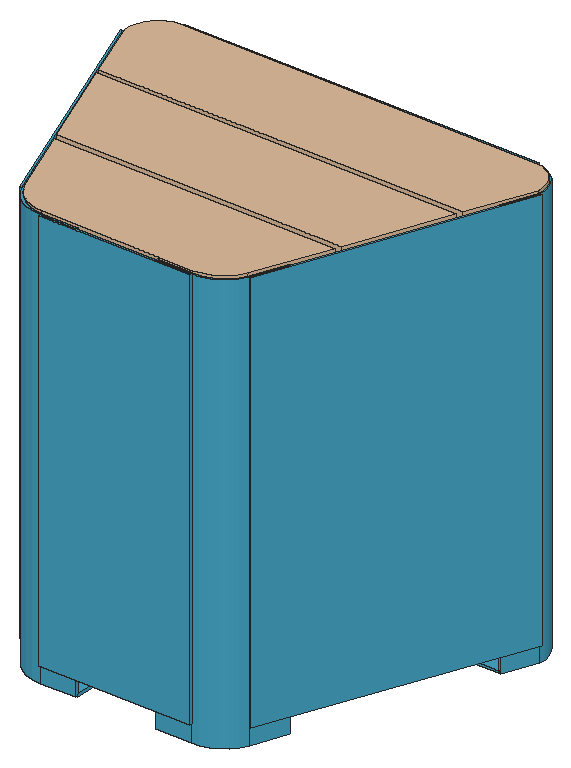
Revit family "product code 61506-S-L", category Meble, Revit 2021
Family settings
  Numer OmniClass = 23.40.20.00
  Tytuł OmniClass = General Furniture and Specialties
  Oparty na płaszczyźnie roboczej = Nie
  Zawsze pionowo = Tak
  Tnij formami wycięć po wczytaniu = Nie
  Współdzielony = Nie
  Punkt obliczania pomieszczeń = Nie
Parameters (values of type "61506-S-L")
  wood = Kobenhagen Wood - Larch
  metal = Kobenhagen RAL 5012
  Width = "44 cm"
  Weight = "35 kg"
  URL = "https://kobenhagen.com/en_US/p/Kdbyen-High-Stool/176"
  Product line = "Kødbyen"
  Product Groups = "Stools"
  Producent = "Lars Laj"
  Keynote = ""
  Opis = "Kødbyen High Stool"
  Model = "61506-S-L"
  Material = "Larch, stainless steel, powder coated steel"
  Maintenance = "We recommend to examine and tighten all screws and bolt clamps after a few weeks’ use. In order to prevent cracks and to extend the life of the wood, it is recommended that the wood details should be oiled every 3-5 years."
  Lenght = "60 cm"
  Type Comments = ""
  Kobenhagen Materials = "larslaj.com/bim"
  Hosted on larslaj.com = "https://larslaj.com/bim"
  Height = "60 cm"
  Domyślna rzędna = 0 mm
  Copyright = "All designs and drawings are the intellectual property of Lars Laj A/S and are protected by Danish and international copyright laws."
Reference planes
  plane 1 "front": y = 0
  plane 2: z = 0
  plane 3 "Środek (Lewa/Prawa)": x = 0
  plane 4 "left": x = -247.535
  plane 5 "right": x = 809.233
  plane 6 "back": y = 400
  plane 7: x = -136.25
  plane 8: z = 706.5
Forms (mm)
  Extrusion 1, solid, material "Kobenhagen RAL 5012" <- "metal", not visible
    sketch origin (0, 0, 0) x (0, 1, 0) y (0, 0, 1)
      loop
        arc (71.187, 451.5) -> (57.045, 445.642) -> (51.187, 431.5) r 20
        line (51.187, 431.5) -> (51.187, 18.231)
        arc (51.187, 18.231) -> (56.527, 5.34) -> (69.418, 0) r 18.231
        line (69.418, 0) -> (153.638, 0) -> (153.638, 15) -> (448.638, 15) -> (448.638, 0) -> (527.023, 0)
        arc (527.023, 0) -> (542.307, 6.331) -> (548.638, 21.615) r 21.615
        line (548.638, 21.615) -> (548.638, 429.407)
        arc (548.638, 429.407) -> (542.168, 445.029) -> (526.545, 451.5) r 22.093
        line (526.545, 451.5) -> (71.187, 451.5)
    from 750.378 to 745
  Extrusion 2, solid, material "Kobenhagen RAL 5012" <- "metal", not visible
    sketch origin (0, 0, 0) x (0, 1, 0) y (0, 0, 1)
      loop
        line (548.638, 396.844) -> (629.375, 854.725) -> (601.836, 859.581)
        arc (601.836, 859.581) -> (585.224, 855.898) -> (576.082, 841.547) r 22.232
        line (576.082, 841.547) -> (507.306, 451.5) -> (526.545, 451.5)
        arc (526.545, 451.5) -> (542.168, 445.029) -> (548.638, 429.407) r 22.093
        line (548.638, 429.407) -> (548.638, 396.844)
    from 745 to 750.378
  Extrusion 3, solid, material "Kobenhagen RAL 5012" <- "metal"
    sketch origin (0, 0, 0) x (1, 0, 0) y (0, 1, 0)
      loop
        arc (-293.16, 475.97) -> (-282.001, 508.042) -> (-251.234, 522.413) r 43.652
        line (-251.234, 522.413) -> (-200.381, 522.312) -> (-200.381, 525.412) -> (-251.284, 525.413)
        arc (-251.284, 525.413) -> (-284.324, 509.867) -> (-296.121, 475.312) r 46.771
        line (-296.121, 475.312) -> (-278.038, 428.325) -> (-274.845, 428.325) -> (-293.16, 475.97)
      loop
        line (200.651, 522.312) -> (251.504, 522.413)
        arc (251.504, 522.413) -> (282.271, 508.042) -> (293.43, 475.97) r 43.652
        line (293.43, 475.97) -> (275.115, 428.325) -> (278.308, 428.325) -> (296.391, 475.312)
        arc (296.391, 475.312) -> (284.594, 509.867) -> (251.554, 525.413) r 46.771
        line (251.554, 525.413) -> (200.651, 525.412) -> (200.651, 522.312)
      loop
        arc (158.801, 128.754) -> (137.921, 104.402) -> (107.159, 95.311) r 56.594
        line (107.159, 95.311) -> (57.159, 95.311) -> (57.159, 92.311) -> (107.159, 92.311)
        arc (107.159, 92.311) -> (139.586, 101.906) -> (161.572, 127.602) r 59.594
        line (161.572, 127.602) -> (180.094, 175.729) -> (176.879, 175.729) -> (158.801, 128.754)
      loop
        line (-158.801, 128.754) -> (-176.879, 175.729) -> (-180.094, 175.729) -> (-161.572, 127.602)
        arc (-161.572, 127.602) -> (-139.586, 101.906) -> (-107.159, 92.311) r 59.594
        line (-107.159, 92.311) -> (-57.159, 92.311) -> (-57.159, 95.311) -> (-107.159, 95.311)
        arc (-107.159, 95.311) -> (-137.921, 104.402) -> (-158.801, 128.754) r 56.594
    from 0 to 596.75
  Extrusion 4, solid, material "Kobenhagen RAL 5012" <- "metal"
    sketch origin (0, 0, 0) x (1, 0, 0) y (0, 1, 0)
      loop
        line (-106.889, 92.311) -> (-106.889, 89.32) -> (107.159, 89.32) -> (107.159, 92.311) -> (-106.889, 92.311)
      loop
        line (-251.286, 528.312) -> (-251.286, 525.413) -> (251.556, 525.413) -> (251.556, 528.312) -> (-251.286, 528.312)
      loop
        line (299.188, 474.227) -> (296.391, 475.312) -> (161.455, 127.363) -> (163.618, 126.524) -> (299.188, 474.227)
      loop
        line (-298.923, 474.227) -> (-163.858, 127.037) -> (-161.581, 127.712) -> (-296.121, 475.312) -> (-298.923, 474.227)
    from 23.503 to 596.75
  Extrusion 5, solid, material "Kobenhagen RAL 5012" <- "metal"
    sketch origin (0, 0, 0) x (1, 0, 0) y (0, 1, 0)
      loop
        line (-200.381, 428.325) -> (-200.381, 522.312) -> (-251.234, 522.413)
        arc (-251.234, 522.413) -> (-282.001, 508.042) -> (-293.16, 475.97) r 43.652
        line (-293.16, 475.97) -> (-274.845, 428.325) -> (-200.381, 428.325)
      loop
        line (-56.889, 175.729) -> (-176.609, 175.729) -> (-158.531, 128.754)
        arc (-158.531, 128.754) -> (-137.651, 104.402) -> (-106.889, 95.311) r 56.594
        line (-106.889, 95.311) -> (-56.889, 95.311) -> (-56.889, 175.729)
      loop
        line (200.381, 428.325) -> (274.845, 428.325) -> (293.16, 475.97)
        arc (293.16, 475.97) -> (282.001, 508.042) -> (251.234, 522.413) r 43.652
        line (251.234, 522.413) -> (200.381, 522.312) -> (200.381, 428.325)
      loop
        line (56.889, 175.729) -> (56.889, 95.311) -> (106.889, 95.311)
        arc (106.889, 95.311) -> (137.651, 104.402) -> (158.531, 128.754) r 56.594
        line (158.531, 128.754) -> (176.609, 175.729) -> (56.889, 175.729)
    from 0 to 3.062
  Extrusion 6, solid, material "Kobenhagen Wood - Larch" <- "wood"
    sketch origin (0, 0, 0) x (1, 0, 0) y (0, 1, 0)
      loop
        line (258.581, 385.312) -> (293.43, 475.97)
        arc (293.43, 475.97) -> (282.852, 507.385) -> (253.255, 522.312) r 43.652
        line (253.255, 522.312) -> (-252.985, 522.312)
        arc (-252.985, 522.312) -> (-282.582, 507.385) -> (-293.16, 475.97) r 43.652
        line (-293.16, 475.97) -> (-258.311, 385.312) -> (258.581, 385.312)
      loop
        line (-254.906, 377.312) -> (-201.786, 240.312) -> (202.056, 240.312) -> (255.176, 377.312) -> (-254.906, 377.312)
      loop
        line (-198.386, 232.312) -> (-158.531, 128.754)
        arc (-158.531, 128.754) -> (-137.748, 104.465) -> (-107.12, 95.312) r 56.594
        line (-107.12, 95.312) -> (107.39, 95.312)
        arc (107.39, 95.312) -> (138.018, 104.465) -> (158.801, 128.754) r 56.594
        line (158.801, 128.754) -> (198.656, 232.312) -> (-198.386, 232.312)
    from 567.215 to 599.75
  Extrusion 7, solid, material "Kobenhagen Wood - Larch" <- "wood"
    sketch origin (0, 0, 0) x (1, 0, 0) y (0, 1, 0)
      loop
        line (-103.832, 95.394) -> (-266.822, 518.902)
        arc (-266.822, 518.902) -> (-286.046, 502.815) -> (-293.251, 478.806) r 43.652
        line (-293.251, 478.806) -> (-158.531, 128.754)
        arc (-158.531, 128.754) -> (-136.356, 103.588) -> (-103.832, 95.394) r 56.594
      loop
        arc (103.832, 95.394) -> (136.356, 103.588) -> (158.531, 128.754) r 56.594
        line (158.531, 128.754) -> (293.251, 478.806)
        arc (293.251, 478.806) -> (286.046, 502.815) -> (266.822, 518.902) r 43.652
        line (266.822, 518.902) -> (103.832, 95.394)
    from 524.75 to 567.215
  Extrusion 8, solid, material "Kobenhagen Wood - Larch" <- "wood"
    sketch origin (0, 0, 0) x (1, 0, 0) y (0, 1, 0)
      loop
        line (-103.832, 95.394) -> (-266.822, 518.902)
        arc (-266.822, 518.902) -> (-286.046, 502.815) -> (-293.251, 478.806) r 43.652
        line (-293.251, 478.806) -> (-158.531, 128.754)
        arc (-158.531, 128.754) -> (-136.356, 103.588) -> (-103.832, 95.394) r 56.594
      loop
        arc (103.832, 95.394) -> (136.356, 103.588) -> (158.531, 128.754) r 56.594
        line (158.531, 128.754) -> (293.251, 478.806)
        arc (293.251, 478.806) -> (286.046, 502.815) -> (266.822, 518.902) r 43.652
        line (266.822, 518.902) -> (103.832, 95.394)
    from 524.75 to 567.215
  Extrusion 9, solid, material "Kobenhagen Wood - Larch" <- "wood"
    sketch origin (0, 0, 0) x (1, 0, 0) y (0, 1, 0)
      loop
        line (-103.832, 95.394) -> (-266.822, 518.902)
        arc (-266.822, 518.902) -> (-286.046, 502.815) -> (-293.251, 478.806) r 43.652
        line (-293.251, 478.806) -> (-158.531, 128.754)
        arc (-158.531, 128.754) -> (-136.356, 103.588) -> (-103.832, 95.394) r 56.594
      loop
        arc (103.832, 95.394) -> (136.356, 103.588) -> (158.531, 128.754) r 56.594
        line (158.531, 128.754) -> (293.251, 478.806)
        arc (293.251, 478.806) -> (286.046, 502.815) -> (266.822, 518.902) r 43.652
        line (266.822, 518.902) -> (103.832, 95.394)
    from 524.75 to 522.75
Lines and regions (mm)
  model lines, style "9"
    curve 1: line (264.233, -399.489, 0) -> (264.233, -405.489, 0)
    curve 2: line (-304.767, -399.489, 0) -> (-304.767, -405.489, 0)
    curve 3: line (-281.767, -399.489, 0) -> (-281.767, -405.489, 0)
Dimensions and locks
  aligned and locked: level to plane 2
